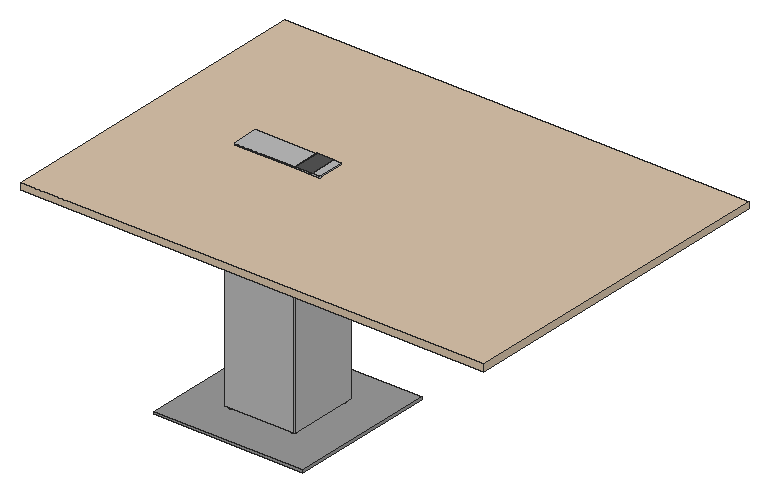
Revit family "Haworth_Planes_ColumnBaseConferenceTable_RectangularEnd", category Furniture Systems, Revit 2018
Family settings
  Round Connector Dimension = Use Diameter
  Part Type = Normal
  OmniClass Number = 23.40.70.14.64.21
  OmniClass Title = Systems Furniture
  Work Plane-Based = No
  Always vertical = Yes
  Cut with Voids When Loaded = No
  Shared = No
  Room Calculation Point = No
Parameters (values of type "84w 60d")
  Worksurface Finish [instance] = Haworth _ Laminate _ Maple H-AE
  Worksurface Edge Finish [instance] = Haworth _ Laminate _ Maple H-AE
  Wire Manager Length = Actual Width - Column Base Offset - Wire Management Offset - 4 1/2"  # 48"
  Wire Management Offset = 7"  # constant formula
  Wire Management = yes
  Width = 84"
  Warranty = "https://www.haworth.com/resources/product-info/warranties"
  URL - Product = "https://www.haworth.com/products/tables/conference/planes"
  Trim Finish = Haworth _ Paint _ Smoke
  Sustainability Info = "https://www.haworth.com/company-info/sustainability"
  Support Finish = Haworth _ Paint _ Metallic Champagne
  60" Depth Limits = "Available Widths = 60, 66, 72, 84 in."  # constant formula
  54" Depth Limits = "Available Widths = 54, 60, 66, 72 in."  # constant formula
  42" Depth Limits = "Available Widths = 48, 54, 60, 66, 72 in."  # constant formula
  Standard Heights = "21, 29, 41 in."  # constant formula
  48" Depth Limits = "Available Widths = 48, 54, 60, 66, 72 in."  # constant formula
  Model = "TARU"  # constant formula
  Min. Depth = 36"  # constant formula
  Max. Depth = 60"  # constant formula
  URL = "www.haworth.com"
  Support Height = Actual Height - Table Thickness  # 39 13/16"
  Size = "Verify Final Dim. w/ Haworth"  # constant formula
  Revision Number = "2"  # constant formula
  Min. Width = if(Actual Depth < 48", 42", if(Actual Depth < 54", 48", if(Actual Depth < 60", 54", 60")))  # 60"
  Max. Width = if(Actual Depth < 48", 60", if(Actual Depth < 60", 72", 84"))  # 84"
  Min. Height = 21"  # constant formula
  Max. Height = 41"  # constant formula
  Manufacturer = "Haworth"  # constant formula
  Height = 41"
  Description = "Haworth - Planes - Column Base Conference Table - Rectangular End"
  Depth = 60"
  Custom Size = not(and(or(Height = 29", Height = 41"), or(Depth = 36", Depth = 42", Depth = 48", Depth = 54", Depth = 60"), or(Width = 48", Width = 54", Width = 60", Width = 66", Width = 72", Width = 78", Width = 84")))  # no
  Connect Wide Width = not(Connect Narrow Width)  # yes
  Connect Trim Finish = Haworth _ Polymer _ Black
  Connect Switching = yes
  Connect Narrow Width = no
  Connect Medium Depth = no
  Connect Main Finish = Haworth _ Paint _ Metallic Champagne
  Connect Large Depth = not(Connect Medium Depth)  # yes
  Column Base Offset = 24 1/2"  # constant formula
  Column Base = yes
  Base Finish = Haworth _ Metal _ Polished Aluminum
  Author = "Haworth (Hampton, Alias)"  # constant formula
  Assembly Code = "E2020200"
  Actual Width = if(Width > Max. Width, Max. Width, if(Width < Min. Width, Min. Width, Width))  # 84"
  Actual Height = if(Height > Max. Height, Max. Height, if(Height < Min. Height, Min. Height, Height))  # 41"
  Table Thickness = 1 3/16"  # constant formula
  Actual Depth = if(Depth > Max. Depth, Max. Depth, if(Depth < Min. Depth, Min. Depth, Depth))  # 60"
  36" Depth Limits = "Available Widths = 48, 54, 60, 66, 72 in."  # constant formula
Reference planes (in)
  plane 1 "Center F/B": y = -0.15866
  plane 2 "Floor": z = 0
  plane 3 "Center L/R": x = 0
  plane 4 "Table Edge Front": x = -42
  plane 5 "Table Edge Back": x = 42
  plane 6 "Table Bottom": z = 41
  plane 7 "masking region": z = 39.8125
  plane 8 "Left": y = 29.84134
  plane 9 "Right": y = -30.15866
  plane 10 "Cable Base Distance From Large Depth": x = -17.5
  plane 11 "Wire Management End": x = 35
  plane 12 "Wire Middle": y = -9.90866
Forms (in)
  Extrusion 1, solid, material "Haworth _ Laminate _ Maple H-AE" <- "Worksurface Finish"
    sketch origin (0, 0, 0) x (1, 0, 0) y (0, 1, 0)
      loop
        line (42, 29.84134) -> (-42, 29.84134) -> (-42, -30.15866) -> (42, -30.15866) -> (42, 29.84134)
    from 41 to 39.8125
Lines and regions (in)
  Masking region 1
    outline origin (0, 0, 39.8125) x (0, -1, 0) y (1, 0, 0)
      loop
        line (-29.84134, -42) -> (30.15866, -42) -> (30.15866, 42) -> (-29.84134, 42) -> (-29.84134, -42)
Dimensions and locks (in)
  "Actual Width": plane 4 "Table Edge Front" to plane 5 "Table Edge Back"
  equal spacing: plane 4 "Table Edge Front", plane 3 "Center L/R", plane 5 "Table Edge Back"
  "Actual Height": plane 6 "Table Bottom" to level
  "Table Thickness": plane 6 "Table Bottom" to plane 7 "masking region"
  "Wire Management Offset": plane 11 "Wire Management End" to plane 5 "Table Edge Back"
  "Column Base Offset": plane 4 "Table Edge Front" to plane 10 "Cable Base Distance From Large Depth"
  locked: plane 12 "Wire Middle" to plane 1 "Center F/B" at 9.75
  equal spacing: plane 8 "Left", plane 1 "Center F/B", plane 9 "Right"
  "Actual Depth": plane 8 "Left" to plane 9 "Right"
  aligned and locked: plane 4 "Table Edge Front" to Masking region 1 sketch curve  (x2)
  aligned: Extrusion 1 to plane 6 "Table Bottom"
  aligned and locked: plane 1 "Center F/B" to nested 1
  aligned and locked: plane 10 "Cable Base Distance From Large Depth" to nested 1
  aligned and locked: plane 11 "Wire Management End" to nested 2
  aligned and locked: plane 1 "Center F/B" to nested 3
  aligned and locked: nested 3 to plane 10 "Cable Base Distance From Large Depth"
  aligned and locked: Extrusion 1 to plane 6 "Table Bottom"
  aligned and locked: plane 7 "masking region" to nested 2
  aligned and locked: plane 7 "masking region" to Extrusion 1
  aligned and locked: plane 12 "Wire Middle" to nested 2
  aligned and locked: nested 1 to plane 2 "Floor"
  aligned and locked: Extrusion 1 sketch curve to plane 8 "Left"
  aligned and locked: plane 4 "Table Edge Front" to Extrusion 1 sketch curve
  aligned and locked: Extrusion 1 sketch curve to plane 9 "Right"
  aligned and locked: Extrusion 1 sketch curve to plane 5 "Table Edge Back"
  aligned and locked: Masking region 1 sketch curve to plane 8 "Left"
  aligned and locked: Masking region 1 sketch curve to plane 9 "Right"
  aligned and locked: Masking region 1 sketch curve to plane 5 "Table Edge Back"
  aligned and locked: nested 3 to plane 6 "Table Bottom"
Nested families (in)
  nested 1: "Haworth_Planes_ColumnBase NEW" at (-17.5, -3.78366, 0), visible <- "Column Base", type "Square"
    with Actual Height 39 13/16"
  nested 2: "Haworth_Accessory-Wire_Manager-Horizontal" at (2.5, -31.14797, 12), visible <- "Wire Management", type "Tray"
  nested 3: "Haworth_Accessory-Workware-Connect_Interface_Module" at (-38.73931, -8.65866, 0) x (0, 1, 0) z (0, 0, 1), type "Wide_Switching_Long"
Definition of nested family "Haworth_Planes_ColumnBase NEW"
  Parameters
    Warranty = "www.haworth.com/en-us/Products/Pages/Certifications.aspx"
    URL - Product = "www.haworth.com/en-us/Products/Furniture/Tables/Conference-Ancillary/Pages/Planes.aspx"
    URL = "www.haworth.com"
    Trim Finish = none
    Top Gap = 1 1/2"  # constant formula
    Sustainability Info = "www.haworth.com/en-us/About-Us/Sustainability/Pages/Vision.aspx"
    Support Finish = none
    Size = "Verify Final Dim. w/ Haworth"  # constant formula
    Revision Number = "1"  # constant formula
    Model = "Haworth_Planes_Enhanced-Column_Base_LIMITED"  # constant formula
    Min. Height = 27"  # constant formula
    Max. Height = 36"  # constant formula
    Manufacturer = "Haworth"  # constant formula
    LEED Data = "www.haworth.com/_layouts/Haworth.ProductCatalog/Handlers/GetAsset.ashx/PlanesLEEDContributions.pdf?cid=187&rid=1508&type=Leed"
    Description = "Haworth_Planes_Enhanced-Column_Base_LIMITED"
    Column Frame Width 9 = no
    Column Frame Width 12 = yes
    Cladding Thickness = 1/8"  # constant formula
    Cladding Square = yes
    Cladding Round = no
    Cladding Radius = 8 1/2"  # constant formula
    Base Plate Square = yes
    Base Plate Round = no
    Base Plate Radius = 15"  # constant formula
    Base Height Offset = 3/8"  # constant formula
    Base Finish = none
    Base Depth Offset = 7 1/8"  # constant formula
    Author = "Haworth (Hampton)"  # constant formula
    Assembly Code = "E2020200"
    Actual Width = 12 3/4"  # constant formula
    Actual Height = 27 13/16"
    Actual Depth = 12 3/4"  # constant formula
  Reference planes (in)
    plane 1 "Center F/B": y = 3.625
    plane 2: z = 0
    plane 3 "Center L/R": x = 0
    plane 4 "Left": x = -6.375
    plane 5 "Right": x = 6.375
    plane 6 "Front": y = -2.75
    plane 7 "Top": z = 27.8125
    plane 8 "Back": y = 10
    plane 9: y = 9.25
    plane 10: x = 5.625
    plane 11: x = -5.625
    plane 12: y = -2
    plane 13 "Panel Top": z = 26.3125
    plane 14 "Base Plate Top": z = 0.375
    plane 15 "Panel Bottom": z = 0.75
    plane 16: x = -6.25
    plane 17: x = 6.25
    plane 18: y = 9.875
    plane 19: y = -2.625
    plane 20 "Plate Back": y = 17.125
    plane 21 "Plate Front": y = -9.875
    plane 22 "Plate Left": x = -13.5
    plane 23 "Plate Right": x = 13.5
    plane 24 "Angel 2": through (6.375, 10, 48) normal (0.7071, -0.7071, 0)
    plane 25 "Angel 1": through (-6.375, 10, 48) normal (0.7071, 0.7071, 0)
    plane 26: through (6.375, -2.75, 48) normal (-0.7071, -0.7071, 0)
    plane 27: through (6.375, 10, 48) normal (0.7071, -0.7071, 0)
    plane 28: through (-6.375, -2.75, 48) normal (-0.7071, 0.7071, 0)
    plane 29: through (6.375, -2.75, 48) normal (-0.7071, -0.7071, 0)
    plane 30: through (-6.375, 10, 48) normal (0.7071, 0.7071, 0)
    plane 31: through (-6.375, -2.75, 48) normal (-0.7071, 0.7071, 0)
  Forms (in)
    Extrusion 1, solid, material <- "Trim Finish", visible <- "Cladding Square"
      sketch origin (0, 0, 0) x (1, 0, 0) y (0, 1, 0)
        loop
          line (-6.375, 9.875) -> (-6.375, -2.625) -> (-6.25, -2.625) -> (-6.25, 9.875) -> (-6.375, 9.875)
      from 0.75 to 26.3125
    Extrusion 2, solid, material <- "Trim Finish", visible <- "Cladding Square"
      sketch origin (0, 0, 0) x (1, 0, 0) y (0, 1, 0)
        loop
          line (-6.25, 10) -> (-6.25, 9.875) -> (6.25, 9.875) -> (6.25, 10) -> (-6.25, 10)
      from 0.75 to 26.3125
    Extrusion 3, solid, material <- "Trim Finish", visible <- "Cladding Square"
      sketch origin (0, 0, 0) x (1, 0, 0) y (0, 1, 0)
        loop
          line (6.25, 9.875) -> (6.25, -2.625) -> (6.375, -2.625) -> (6.375, 9.875) -> (6.25, 9.875)
      from 0.75 to 26.3125
    Extrusion 4, solid, material <- "Trim Finish", visible <- "Cladding Square"
      sketch origin (0, 0, 0) x (1, 0, 0) y (0, 1, 0)
        loop
          line (-6.25, -2.625) -> (-6.25, -2.75) -> (6.25, -2.75) -> (6.25, -2.625) -> (-6.25, -2.625)
      from 0.75 to 26.3125
    Extrusion 5, solid, material <- "Support Finish"
      sketch origin (0, 0, 0) x (1, 0, 0) y (0, 1, 0)
        loop
          circle (-5.625, 9.25) r 0.375
        loop
          circle (5.625, 9.25) r 0.375
        loop
          circle (5.625, -2) r 0.375
        loop
          circle (-5.625, -2) r 0.375
      from 0.375 to 27.8125
    Extrusion 6, solid, material <- "Base Finish", visible <- "Base Plate Square"
      sketch origin (0, 0, 0) x (1, 0, 0) y (0, 1, 0)
        loop
          line (-13.5, 17.125) -> (-13.5, -9.875) -> (13.5, -9.875) -> (13.5, 17.125) -> (-13.5, 17.125)
      from 0 to 0.375
    Extrusion 7, solid, material <- "Base Finish", visible <- "Base Plate Round"
      sketch origin (0, 0, 0) x (1, 0, 0) y (0, 1, 0)
        loop
          circle (0, 3.625) r 15
      from 0 to 0.375
    Extrusion 8, solid, material <- "Trim Finish", visible <- "Cladding Round"
      sketch origin (0, 0, 0) x (1, 0, 0) y (0, 1, 0)
        loop
          arc (-6.01041, 9.63541) -> (0, 12.125) -> (6.01041, 9.63541) r 8.5
          line (6.01041, 9.63541) -> (6.01041, 9.81092)
          arc (6.01041, 9.81092) -> (0, 12.25) -> (-6.01041, 9.81092) r 8.625
          line (-6.01041, 9.81092) -> (-6.01041, 9.63541)
      from 0.75 to 26.3125
    Extrusion 9, solid, material <- "Trim Finish", visible <- "Cladding Round"
      sketch origin (-3.625, 3.625, 0) x (0, -1, 0) y (1, 0, 0)
        loop
          arc (-6.01041, 9.63541) -> (0, 12.125) -> (6.01041, 9.63541) r 8.5
          line (6.01041, 9.63541) -> (6.01041, 9.81092)
          arc (6.01041, 9.81092) -> (0, 12.25) -> (-6.01041, 9.81092) r 8.625
          line (-6.01041, 9.81092) -> (-6.01041, 9.63541)
      from 0.75 to 26.3125
    Extrusion 10, solid, material <- "Trim Finish", visible <- "Cladding Round"
      sketch origin (0, 7.25, 0) x (-1, 0, 0) y (0, -1, 0)
        loop
          arc (-6.01041, 9.63541) -> (0, 12.125) -> (6.01041, 9.63541) r 8.5
          line (6.01041, 9.63541) -> (6.01041, 9.81092)
          arc (6.01041, 9.81092) -> (0, 12.25) -> (-6.01041, 9.81092) r 8.625
          line (-6.01041, 9.81092) -> (-6.01041, 9.63541)
      from 0.75 to 26.3125
    Extrusion 11, solid, material <- "Trim Finish", visible <- "Cladding Round"
      sketch origin (3.625, 3.625, 0) x (0, 1, 0) y (-1, 0, 0)
        loop
          arc (-6.01041, 9.63541) -> (0, 12.125) -> (6.01041, 9.63541) r 8.5
          line (6.01041, 9.63541) -> (6.01041, 9.81092)
          arc (6.01041, 9.81092) -> (0, 12.25) -> (-6.01041, 9.81092) r 8.625
          line (-6.01041, 9.81092) -> (-6.01041, 9.63541)
      from 0.75 to 26.3125
  Lines and regions (in)
    symbolic lines, visible <- "Base Plate Square", detail levels medium+fine
      curve 1: line (-13.5, 17.125, 0) -> (13.5, 17.125, 0)
      curve 2: line (13.5, 17.125, 0) -> (13.5, -9.875, 0)
      curve 3: line (13.5, -9.875, 0) -> (-13.5, -9.875, 0)
      curve 4: line (-13.5, -9.875, 0) -> (-13.5, 17.125, 0)
    symbolic lines, visible <- "Cladding Square", detail levels medium+fine
      curve 5: line (-6.375, 10, 0) -> (6.375, 10, 0)
      curve 6: line (6.375, 10, 0) -> (6.375, -2.75, 0)
      curve 7: line (6.375, -2.75, 0) -> (-6.375, -2.75, 0)
      curve 8: line (-6.375, -2.75, 0) -> (-6.375, 10, 0)
    model lines, visible <- "Base Plate Round"
      curve 9: circle (0, 3.625, 0) r 15 normal (0, 0, 1)
    symbolic lines, visible <- "Base Plate Round", detail levels medium+fine
      curve 10: circle (0, 3.625, 0) r 8.5 normal (0, 0, 1)
  Dimensions and locks (in)
    equal spacing: plane 8 "Back", plane 1 "Center F/B", plane 6 "Front"
    "Actual Depth": plane 8 "Back" to plane 6 "Front"
    equal spacing: plane 4 "Left", plane 3 "Center L/R", plane 5 "Right"
    "Actual Width": plane 4 "Left" to plane 5 "Right"
    "Actual Height": plane 7 "Top" to level
    locked: plane 4 "Left" to plane 11 at 0.75
    locked: plane 10 to plane 5 "Right" at 0.75
    locked: plane 8 "Back" to plane 9 at 0.75
    locked: plane 12 to plane 6 "Front" at 0.75
    "Base Height Offset": plane 14 "Base Plate Top" to level
    "Base Height Offset": plane 15 "Panel Bottom" to plane 14 "Base Plate Top"
    "Top Gap": plane 7 "Top" to plane 13 "Panel Top"
    "Base Depth Offset": plane 22 "Plate Left" to plane 4 "Left"
    "Base Depth Offset": plane 5 "Right" to plane 23 "Plate Right"
    "Base Depth Offset": plane 21 "Plate Front" to plane 6 "Front"
    "Base Depth Offset": plane 20 "Plate Back" to plane 8 "Back"
    "Cladding Thickness": plane 8 "Back" to plane 18
    "Cladding Thickness": plane 19 to plane 6 "Front"
    "Cladding Thickness": plane 4 "Left" to plane 16
    "Cladding Thickness": plane 17 to plane 5 "Right"
    "Base Plate Radius": radius of Extrusion 7 sketch curve
    "Base Plate Radius": radius of curve 9
    "Cladding Radius": radius of Extrusion 8 sketch curve
    "Cladding Radius": radius of curve 10
    "Cladding Radius": radius of Extrusion 9 sketch curve
    "Cladding Radius": radius of Extrusion 10 sketch curve
    "Cladding Radius": radius of Extrusion 11 sketch curve
    aligned and locked: Extrusion 1 sketch curve to plane 19
    aligned and locked: plane 4 "Left" to Extrusion 1 sketch curve
    aligned and locked: Extrusion 1 sketch curve to plane 16
    aligned and locked: Extrusion 1 sketch curve to plane 18
    aligned and locked: Extrusion 2 sketch curve to plane 8 "Back"
    aligned and locked: plane 18 to Extrusion 2 sketch curve
    aligned and locked: plane 16 to Extrusion 2 sketch curve
    aligned and locked: plane 17 to Extrusion 2 sketch curve
    aligned and locked: Extrusion 3 sketch curve to plane 19
    aligned and locked: Extrusion 3 sketch curve to plane 18
    aligned and locked: Extrusion 3 sketch curve to plane 17
    aligned and locked: plane 5 "Right" to Extrusion 3 sketch curve
    aligned and locked: plane 16 to Extrusion 4 sketch curve
    aligned and locked: plane 17 to Extrusion 4 sketch curve
    aligned and locked: plane 19 to Extrusion 4 sketch curve
    aligned and locked: plane 6 "Front" to Extrusion 4 sketch curve
    aligned and locked: plane 13 "Panel Top" to Extrusion 4
    aligned and locked: Extrusion 4 to plane 15 "Panel Bottom"
    aligned and locked: plane 13 "Panel Top" to Extrusion 2
    aligned and locked: Extrusion 2 to plane 15 "Panel Bottom"
    aligned and locked: Extrusion 1 to plane 15 "Panel Bottom"
    aligned and locked: plane 13 "Panel Top" to Extrusion 1
    aligned and locked: Extrusion 3 to plane 15 "Panel Bottom"
    aligned and locked: plane 13 "Panel Top" to Extrusion 3
    aligned and locked: Extrusion 5 to plane 14 "Base Plate Top"
    aligned and locked: plane 7 "Top" to Extrusion 5
    aligned and locked: plane 22 "Plate Left" to Extrusion 6 sketch curve
    aligned and locked: Extrusion 6 sketch curve to plane 21 "Plate Front"
    aligned and locked: plane 23 "Plate Right" to Extrusion 6 sketch curve
    aligned and locked: Extrusion 6 sketch curve to plane 20 "Plate Back"
    aligned and locked: Extrusion 6 to plane 2
    aligned and locked: Extrusion 6 to plane 14 "Base Plate Top"
    aligned and locked: curve 1 to plane 20 "Plate Back"
    aligned and locked: plane 22 "Plate Left" to curve 4
    aligned and locked: curve 3 to plane 21 "Plate Front"
    aligned and locked: plane 23 "Plate Right" to curve 2
    aligned and locked: plane 5 "Right" to curve 6
    aligned and locked: curve 5 to plane 8 "Back"
    aligned and locked: plane 4 "Left" to curve 8
    aligned and locked: plane 6 "Front" to curve 7
    aligned and locked: Extrusion 7 to plane 2
    aligned and locked: Extrusion 7 to plane 14 "Base Plate Top"
    aligned and locked: plane 13 "Panel Top" to Extrusion 8
    aligned and locked: Extrusion 8 to plane 15 "Panel Bottom"
    aligned and locked: Extrusion 11 to plane 15 "Panel Bottom"
    aligned and locked: Extrusion 10 to plane 15 "Panel Bottom"
    aligned and locked: Extrusion 9 to plane 15 "Panel Bottom"
    aligned and locked: plane 13 "Panel Top" to Extrusion 11
    aligned and locked: plane 13 "Panel Top" to Extrusion 10
    aligned and locked: plane 13 "Panel Top" to Extrusion 9
  Automatic sketch dimensions
    Extrusion 5 sketch curve to plane 11 = 0"  (x2)
    Extrusion 5 sketch curve to plane 9 = 0"  (x2)
    Extrusion 5 sketch curve to plane 10 = 0"  (x2)
    Extrusion 5 sketch curve to plane 12 = 0"  (x2)
    curve 9 to curve 10 = 0"  (x2)
    plane 1 "Center F/B" to curve 9 = 0"
    curve 9 to plane 3 "Center L/R" = 0"
    plane 1 "Center F/B" to Extrusion 7 sketch curve = 0"
    Extrusion 7 sketch curve to plane 3 "Center L/R" = 0"
    Extrusion 8 sketch curve to Extrusion 8 sketch curve = 0"  (x2)
    plane 25 "Angel 1" to Extrusion 8 sketch curve = 0"
    plane 1 "Center F/B" to Extrusion 8 sketch curve = 0"
    Extrusion 8 sketch curve to plane 3 "Center L/R" = 0"
    plane 24 "Angel 2" to Extrusion 8 sketch curve = 0"
    Extrusion 8 sketch curve to plane 18 = 0.06408"
    Extrusion 9 sketch curve to Extrusion 9 sketch curve = 0"  (x2)
    Extrusion 9 sketch curve to plane 27 = 0"
    plane 1 "Center F/B" to Extrusion 9 sketch curve = 0"
    plane 26 to Extrusion 9 sketch curve = 0"
    Extrusion 9 sketch curve to plane 3 "Center L/R" = 0"
    plane 17 to Extrusion 9 sketch curve = 0.06408"
    Extrusion 10 sketch curve to Extrusion 10 sketch curve = 0"  (x2)
    Extrusion 10 sketch curve to plane 29 = 0"
    plane 1 "Center F/B" to Extrusion 10 sketch curve = 0"
    Extrusion 10 sketch curve to plane 3 "Center L/R" = 0"
    Extrusion 10 sketch curve to plane 28 = 0"
    Extrusion 10 sketch curve to plane 19 = 0.06408"
    Extrusion 11 sketch curve to Extrusion 11 sketch curve = 0"  (x2)
    plane 31 to Extrusion 11 sketch curve = 0"
    plane 1 "Center F/B" to Extrusion 11 sketch curve = 0"
    Extrusion 11 sketch curve to plane 30 = 0"
    Extrusion 11 sketch curve to plane 3 "Center L/R" = 0"
    plane 16 to Extrusion 11 sketch curve = 0.06408"
    radius of Extrusion 5 sketch curve = 3/8"  (x4)
Definition of nested family "Haworth_Accessory-Wire_Manager-Horizontal"
  Parameters
    Length Position = Length / 2  # 24"
    Height = 1 51/64"  # constant formula
    Depth Position = Depth / 2  # 1 247/256"
    Depth = 3 119/128"  # constant formula
    Height Location = 27 13/16"
    Standard Lengths = "48, 72, 96, 120 in."  # constant formula
    Model = "Haworth_Accessory-Wire_Manager-Horizontal"  # constant formula
    Warranty = "www.haworth.com/en-us/Products/Pages/Certifications.aspx"
    URL - Product = "www.haworth.com/en-us/Products/Furniture/Systems/Desking-Systems/Pages/Compose.aspx"
    URL = "www.haworth.com"
    Sustainability Info = "www.haworth.com/en-us/About-Us/Sustainability/Pages/Vision.aspx"
    Wire Manager Finish = none
    Size = "Verify Final Dim. w/ Haworth"  # constant formula
    Revision Number = "1"  # constant formula
    Manufacturer = "Haworth"  # constant formula
    Length = 48"
    Description = "Haworth_Accessory-Wire_Manager-Horizontal"
    Author = "Haworth (Hampton)"  # constant formula
    Assembly Code = "E2020200"
  Reference planes (in)
    plane 1: z = 0
    plane 2 "Center L/R": x = 8.5
    plane 3 "Support Top": z = 27.8125
    plane 4 "Center F/B": y = -21.23931
    plane 5 "Back": y = -19.27447
    plane 6 "Front": y = -23.20415
    plane 7 "Bottom": z = 26.01562
    plane 8 "Left": x = -15.5
    plane 9 "Right": x = 32.5
  Forms (in)
    Extrusion 1, solid, material <- "Wire Manager Finish"
      sketch origin (-15.5, 0, 0) x (0, 1, 0) y (0, 0, 1)
        loop
          line (-22.92631, 26.5805) -> (-23.14431, 26.5805) -> (-23.20415, 26.52066) -> (-23.20415, 26.07454) -> (-23.14524, 26.01562) -> (-19.33011, 26.01562) -> (-19.27447, 26.07127) -> (-19.27447, 27.51108) -> (-19.33388, 27.5705) -> (-19.58231, 27.5705) -> (-20.02001, 27.60163) -> (-20.23088, 27.8125) -> (-21.23931, 27.8125) -> (-21.23931, 27.73438) -> (-20.26324, 27.73438) -> (-20.05464, 27.52577) -> (-19.58509, 27.49237) -> (-19.35259, 27.49237) -> (-19.35259, 26.09375) -> (-23.12603, 26.09375) -> (-23.12603, 26.50237) -> (-22.92631, 26.50237) -> (-22.92631, 26.5805)
      from 0 to 48
  Lines and regions (in)
    symbolic lines
      curve 1: line (-15.5, -19.27447, 0) -> (32.5, -19.27447, 0)
      curve 2: line (-15.5, -23.20415, 0) -> (-15.5, -19.27447, 0)
      curve 3: line (32.5, -23.20415, 0) -> (-15.5, -23.20415, 0)
      curve 4: line (32.5, -19.27447, 0) -> (32.5, -23.20415, 0)
  Dimensions and locks (in)
    "Height Location": plane 3 "Support Top" to level
    "Depth Position": plane 5 "Back" to plane 4 "Center F/B"
    "Depth Position": plane 4 "Center F/B" to plane 6 "Front"
    "Height": plane 3 "Support Top" to plane 7 "Bottom"
    "Length Position": plane 8 "Left" to plane 2 "Center L/R"
    "Length Position": plane 2 "Center L/R" to plane 9 "Right"
    aligned and locked: Extrusion 1 to plane 8 "Left"
    aligned and locked: Extrusion 1 to plane 9 "Right"
    aligned and locked: Extrusion 1 to curve 4
    aligned and locked: curve 4 to Extrusion 1
  Automatic sketch dimensions
    Extrusion 1 sketch curve to plane 6 "Front" = 0"
    Extrusion 1 sketch curve to plane 7 "Bottom" = 0"
    Extrusion 1 sketch curve to plane 4 "Center F/B" = 0"
    Extrusion 1 sketch curve to plane 3 "Support Top" = 0"
    Extrusion 1 sketch curve to plane 5 "Back" = 0"
    plane 6 "Front" to Extrusion 1 sketch curve = 0.05892"
    plane 6 "Front" to Extrusion 1 sketch curve = 0.05984"
    plane 6 "Front" to Extrusion 1 sketch curve = 5/64"
    Extrusion 1 sketch curve to Extrusion 1 sketch curve = 0.19972"
    Extrusion 1 sketch curve to plane 3 "Support Top" = 5/64"
    Extrusion 1 sketch curve to Extrusion 1 sketch curve = 0.97607"
    Extrusion 1 sketch curve to Extrusion 1 sketch curve = 0.03236"
    Extrusion 1 sketch curve to plane 3 "Support Top" = 0.28673"
    Extrusion 1 sketch curve to Extrusion 1 sketch curve = 0.2086"
    Extrusion 1 sketch curve to plane 3 "Support Top" = 0.21087"
    Extrusion 1 sketch curve to Extrusion 1 sketch curve = 0.03463"
    plane 5 "Back" to Extrusion 1 sketch curve = 0.31062"
    Extrusion 1 sketch curve to Extrusion 1 sketch curve = 0.00277"
    plane 5 "Back" to Extrusion 1 sketch curve = 5/64"
    plane 5 "Back" to Extrusion 1 sketch curve = 0.05942"
    plane 5 "Back" to Extrusion 1 sketch curve = 0.05565"
    plane 7 "Bottom" to Extrusion 1 sketch curve = 0.05565"
    plane 7 "Bottom" to Extrusion 1 sketch curve = 0.05892"
    plane 7 "Bottom" to Extrusion 1 sketch curve = 5/64"
    Extrusion 1 sketch curve to Extrusion 1 sketch curve = 0.40862"
    Extrusion 1 sketch curve to Extrusion 1 sketch curve = 0.01828"
    Extrusion 1 sketch curve to Extrusion 1 sketch curve = 5/64"  (x2)
    Extrusion 1 sketch curve to plane 3 "Support Top" = 0.32013"
    Extrusion 1 sketch curve to Extrusion 1 sketch curve = 0.01871"
    curve 3 to plane 8 "Left" = 0"
    plane 5 "Back" to curve 2 = 0"
Definition of nested family "Haworth_Accessory-Workware-Connect_Interface_Module"
  Parameters (values of type "Wide_Switching_Long")
    Wide Width = not(Narrow Width)  # yes
    Switching Control = or(and(Switching, Medium Depth), (and(Switching, Large Depth)))  # yes
    Switching = yes
    Small Depth = not(or(Large Depth, Medium Depth))  # no
    Narrow Width = no
    Medium Depth = no
    Width Position = Width / 2  # 2 1/2"
    Large Depth = yes
    Height = 1/4"  # constant formula
    Front Depth = if(Switching Control, 4 9/16", 1 141/256")  # 4 9/16"
    Depth Position = Depth / 2  # 7 13/16"
    Depth = if(Small Depth, 9 5/8", if(Medium Depth, 12 5/8", 15 5/8"))  # 15 5/8"
    Height Location = 41"
    Model = "Haworth_Accessory-Workware-Connect_Interface_Module"  # constant formula
    Warranty = "www.haworth.com/en-us/Products/Pages/Certifications.aspx"
    URL - Product = "http://promo.haworth.com/?productname=workware"
    URL = "www.haworth.com"
    Sustainability Info = "www.haworth.com/en-us/About-Us/Sustainability/Pages/Vision.aspx"
    Box Trim Finish = none
    Box Body Finish = none
    Size = "Verify Final Dim. w/ Haworth"  # constant formula
    Revision Number = "1"  # constant formula
    Manufacturer = "Haworth"  # constant formula
    Width = if(Wide Width, 5", 3 1/4")  # 5"
    Description = "Haworth_Accessory-Workware-Connect_Interface_Module"
    Author = "Haworth (Hampton)"  # constant formula
    Assembly Code = "E2020200"
  Reference planes (in)
    plane 1 "Bottom": z = 0
    plane 2 "Center L/R": x = 8.5
    plane 3 "Table Top": z = 41
    plane 4 "Center F/B": y = -21.23931
    plane 5 "Back": y = -13.42681
    plane 6 "Front": y = -29.05181
    plane 7 "Left": x = 6
    plane 8 "Right": x = 11
    plane 9 "Top Face": z = 41.1875
    plane 10 "Middle Connect": y = -24.48931
    plane 11: y = -27.55181
    plane 12 "Top Switching": z = 41.21875
  Forms (in)
    Extrusion 1, solid, material <- "Box Trim Finish"
      sketch origin (0, 0, 0) x (1, 0, 0) y (0, 1, 0)
        loop
          line (6, -24.48931) -> (6, -28.80181)
          arc (6, -28.80181) -> (6.07322, -28.97859) -> (6.25, -29.05181) r 0.25
          line (6.25, -29.05181) -> (10.75, -29.05181)
          arc (10.75, -29.05181) -> (10.92678, -28.97859) -> (11, -28.80181) r 0.25
          line (11, -28.80181) -> (11, -24.48931) -> (6, -24.48931)
      from 41 to 41.1875
    Extrusion 2, solid, material <- "Box Trim Finish"
      sketch origin (0, 0, 0) x (1, 0, 0) y (0, 1, 0)
        loop
          arc (6.25, -13.42681) -> (6.07322, -13.50003) -> (6, -13.67681) r 0.25
          line (6, -13.67681) -> (6, -24.48931) -> (11, -24.48931) -> (11, -13.67681)
          arc (11, -13.67681) -> (10.92678, -13.50003) -> (10.75, -13.42681) r 0.25
          line (10.75, -13.42681) -> (6.25, -13.42681)
      from 41 to 41.1875
    Extrusion 3, solid, material <- "Box Body Finish", visible <- "Switching Control"
      sketch origin (0, 0, 0) x (1, 0, 0) y (0, 1, 0)
        loop
          line (6, -24.48931) -> (6, -27.55181) -> (11, -27.55181) -> (11, -24.48931) -> (6, -24.48931)
      from 41.1875 to 41.21875
  Lines and regions (in)
    symbolic lines
      curve 1: line (6, -13.42681, 0) -> (11, -13.42681, 0)
      curve 2: line (6, -29.05181, 0) -> (6, -13.42681, 0)
      curve 3: line (11, -29.05181, 0) -> (6, -29.05181, 0)
      curve 4: line (11, -13.42681, 0) -> (11, -29.05181, 0)
  Dimensions and locks (in)
    plane 3 "Table Top" to level = 41"
    "Depth Position": plane 5 "Back" to plane 4 "Center F/B"
    "Depth Position": plane 4 "Center F/B" to plane 6 "Front"
    "Width Position": plane 7 "Left" to plane 2 "Center L/R"
    "Width Position": plane 2 "Center L/R" to plane 8 "Right"
    "Height Location": plane 3 "Table Top" to plane 1 "Bottom"
    plane 9 "Top Face" to plane 3 "Table Top" = 3/16"
    plane 4 "Center F/B" to Extrusion 2 = 7 13/16"
    "Front Depth": plane 10 "Middle Connect" to plane 6 "Front"
    locked: plane 10 "Middle Connect" to plane 11 at 3.0625
    plane 12 "Top Switching" to plane 9 "Top Face" = 1/32"
    aligned and locked: Extrusion 1 sketch curve to plane 10 "Middle Connect"
    aligned and locked: plane 7 "Left" to Extrusion 1 sketch curve
    aligned and locked: curve 3 to Extrusion 1 sketch curve
    aligned and locked: curve 4 to Extrusion 1 sketch curve
    aligned and locked: plane 9 "Top Face" to Extrusion 1
    aligned and locked: Extrusion 1 to plane 3 "Table Top"
    aligned and locked: curve 2 to Extrusion 2 sketch curve
    aligned and locked: curve 4 to Extrusion 2 sketch curve
    aligned and locked: plane 10 "Middle Connect" to Extrusion 2 sketch curve
    aligned and locked: plane 5 "Back" to Extrusion 2 sketch curve
    aligned and locked: plane 9 "Top Face" to Extrusion 2
    aligned and locked: Extrusion 3 sketch curve to Extrusion 1
    aligned and locked: Extrusion 3 sketch curve to Extrusion 2
    aligned and locked: plane 11 to Extrusion 3 sketch curve
    aligned and locked: plane 8 "Right" to Extrusion 3 sketch curve
    aligned and locked: plane 12 "Top Switching" to Extrusion 3
    aligned and locked: Extrusion 3 to plane 9 "Top Face"
    aligned and locked: Extrusion 2 to plane 3 "Table Top"
  Automatic sketch dimensions
    curve 3 to plane 7 "Left" = 0"
    plane 5 "Back" to curve 2 = 0"
    curve 3 to plane 6 "Front" = 0"
    curve 3 to plane 8 "Right" = 0"
    Extrusion 1 sketch curve to Extrusion 1 sketch curve = 1/4"  (x2)
    plane 5 "Back" to Extrusion 2 sketch curve = 1/4"
    plane 8 "Right" to Extrusion 2 sketch curve = 1/4"
